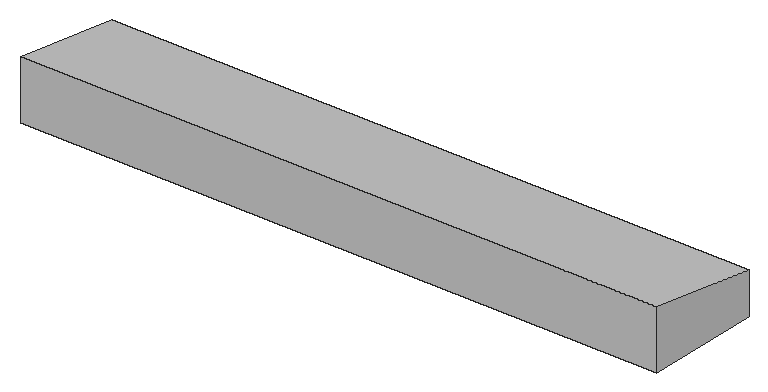
Revit family "WAC_A3-Window-sill-460MM-WALL", category Specialty Equipment, host Wall, Revit 2016
Family settings
  Host = Wall
  Part Type = Undefined
  Round Connector Dimension = Use Diameter
  Always vertical = Yes
  Cut with Voids When Loaded = No
  Shared = No
  Room Calculation Point = No
Parameters (values of type "Windows Sills")
  Window Width [instance] = 1500 mm
  Assembly Code = ""
Reference planes
  plane 1: y = 0
  plane 2 "Center (Left/Right)": x = 125.066
  plane 3 "Back": y = 220
  plane 4: y = 0
  plane 5: y = 22.5
  plane 6 "Window cill": x = -624.934
  plane 7: x = 875.066
Forms (mm)
  Extrusion 1, void
    sketch origin (0, 220, 0) x (1, 0, 0) y (0, 0, 1)
      loop
        line (875.066, 1201.084) -> (-624.934, 1201.084) -> (-624.934, 838.675) -> (875.066, 838.675) -> (875.066, 1201.084)
    from -703.731 to 197.5
  Extrusion 2, solid, material "Concrete - Precast"
    sketch origin (-624.934, -35, 0) x (0, 1, 0) y (0, 0, 1)
      loop
        line (57.5, 838.673) -> (327.5, 838.673) -> (327.5, 938.673) -> (57.5, 978.673) -> (57.5, 838.673)
    from 0 to 1500
Text (mm)
  text "Placement side" at (-1864.261, 916.262, 0), in view "Ref. Level"
  text "Placement side" at (0, 1605.175, 2923.955), in view "Left"
  text "Placement side" at (0, 595.982, 3004.978), in view "Right"
Dimensions and locks
  locked: plane 3 "Back" to host wall at 0
  equal spacing: Extrusion 1, plane 2 "Center (Left/Right)", Extrusion 1
  "Window Width": Extrusion 1 to Extrusion 1
  equal spacing: plane 6 "Window cill", plane 2 "Center (Left/Right)", plane 7
  "Window Width": plane 6 "Window cill" to plane 7
  locked: Extrusion 2 sketch curve to host wall at 72.5
  plane 3 "Back" to plane 5 = 197.5 mm
  aligned and locked: plane 1 to host wall
  aligned and locked: plane 7 to Extrusion 2
  aligned and locked: Extrusion 2 to plane 6 "Window cill"
  aligned and locked: Extrusion 1 to plane 5
Automatic sketch dimensions
  Extrusion 1 sketch curve to plane 6 "Window cill" = 0 mm
  Extrusion 1 sketch curve to plane 7 = 0 mm
  level to Extrusion 1 sketch curve = 838.675 mm
  Extrusion 1 sketch curve to Extrusion 1 sketch curve = 362.409 mm
  Extrusion 2 sketch curve to plane 5 = 0 mm
  level to Extrusion 2 sketch curve = 838.673 mm
  Extrusion 2 sketch curve to Extrusion 2 sketch curve = 100 mm
  Extrusion 2 sketch curve to Extrusion 2 sketch curve = 140 mm
